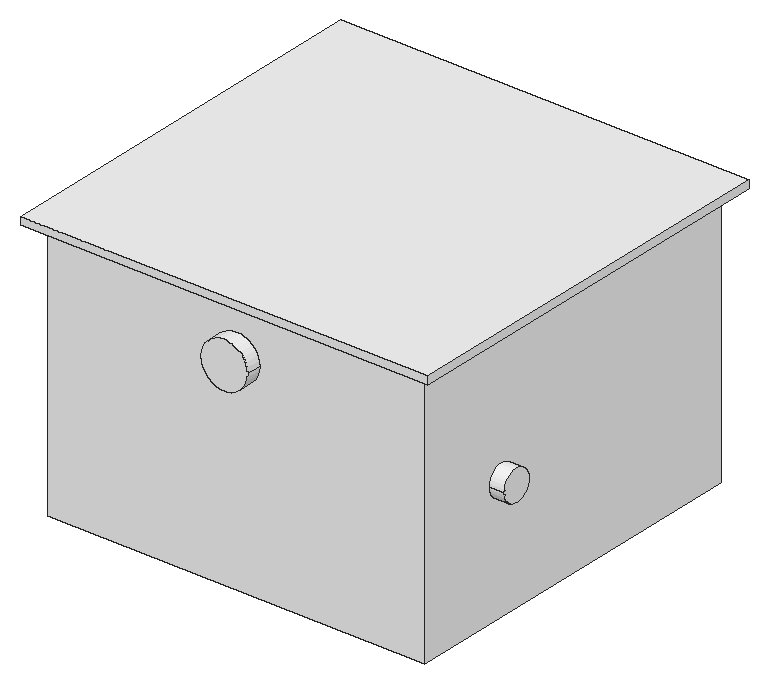
Revit family "Plumbing Fixture-Grease_Interseptor_Mifab_MI-E-O-HU", category Plumbing Fixtures, host Face, Revit 2013
Parameters (values of type "MI-E-O-HU-C")
  Water Capacity = "18.08 Gallons"
  WFU = 0
  URL = "www.mifab.com"
  Standard Inlet And Outlet Radii = F / 2  # 1.500"
  Model = "MI-E-O-HU-C"
  Manufacturer = "MIFAB"
  Interceptor Material = Acid Resistant Epoxy Coated Green
  Grease Capacity = "119.88 lbs"
  G = 8.000"
  Flow Rate = "20 GPM"
  F = 3.000"
  E = 17.500"
  Description = "Electronic Oil Interceptors With Integral Oil Storage Tank"
  Default Elevation = 0.000"
  D = 13.500"
  C = 4.000"
  B = 26.500"
  Assembly Code = "D2090300"
  A = 26.000"
Types (18): name | Water Capacity | Standard Inlet And Outlet Radii | Model | Grease Capacity | G | Flow Rate | F | E | D | C | B | A
  (no name) | "18.08 Gallons" | 1.500" | "MI-E-O-HU-C" | "119.88 lbs" | 8.000" | "20 GPM" | 3.000" | 17.500" | 13.500" | 4.000" | 26.500" | 26.000"
  MI-E-O-HU-A | "10.66 Gallons" | 1.000" | "MI-E-O-HU-A" | "74.93 lbs" | 4.000" | "10 GPM" | 2.000" | 13.000" | 9.000" | 4.000" | 26.000" | 24.000"
  MI-E-O-HU-B | "15.06 Gallons" | 1.000" | "MI-E-O-HU-B" | "102.40lbs" | 6.000" | "15 GPM" | 2.000" | 15.000" | 11.000" | 4.000" | 26.500" | 26.000"
  MI-E-O-HU-C | "18.08 Gallons" | 1.500" | "MI-E-O-HU-C" | "119.88 lbs" | 8.000" | "20 GPM" | 3.000" | 17.500" | 13.500" | 4.000" | 26.500" | 26.000"
  MI-E-O-HU-1 | "63.12 Gallons" | 1.500" | "MI-E-O-HU-1" | "542.60 lbs" | 20.000" | "25 GPM" | 3.000" | 30.000" | 25.500" | 4.500" | 46.000" | 29.000"
  MI-E-O-HU-2 | "100.23 Gallons" | 1.500" | "MI-E-O-HU-2" | "509.51 lbs" | 20.500" | "35 GPM" | 3.000" | 31.000" | 26.000" | 5.000" | 44.500" | 37.000"
  MI-E-O-HU-3 | "163.07 Gallons" | 1.500" | "MI-E-O-HU-3" | "977.19 lbs" | 20.500" | "50 GPM" | 3.000" | 32.000" | 26.000" | 6.000" | 65.500" | 43.000"
  MI-E-O-HU-4 | "201.89 Gallons" | 2.000" | "MI-E-O-HU-4" | "1015.90 lbs" | 20.500" | "75 GPM" | 4.000" | 36.000" | 26.500" | 9.500" | 65.000" | 49.000"
  MI-E-O-HU-5 | "302.91 Gallons" | 2.000" | "MI-E-O-HU-5" | "1984.34 lbs" | 20.500" | "100 GPM" | 4.000" | 36.000" | 26.500" | 9.500" | 90.000" | 58.000"
  MI-E-O-HU-6 | "344.42Gallons" | 2.000" | "MI-E-O-HU-6" | "2245.97 lbs" | 22.000" | "125 GPM" | 4.000" | 40.000" | 28.000" | 12.000" | 90.000" | 62.000"
  MI-E-O-HU-7 | "356.85 Gallons" | 2.000" | "MI-E-O-HU-7" | "1942.51 lbs" | 24.000" | "150 GPM" | 4.000" | 44.000" | 30.000" | 14.000" | 76.000" | 66.000"
  MI-E-O-HU-8 | "452.72 Gallons" | 2.000" | "MI-E-O-HU-8" | "2896.59 lbs" | 24.500" | "200 GPM" | 4.000" | 48.000" | 30.500" | 17.000" | 90.000" | 73.250"
  MI-E-O-HU-9 | "588.97 Gallons" | 2.000" | "MI-E-O-HU-9" | "2912.83 lbs" | 29.500" | "250 GPM" | 4.000" | 51.000" | 35.500" | 15.500" | 90.000" | 73.250"
  MI-E-O-HU-10 | "814.82 Gallons" | 3.000" | "MI-E-O-HU-10" | "2882.23 lbs" | 29.500" | "300 GPM" | 6.000" | 52.000" | 36.500" | 15.500" | 86.000" | 94.875"
  MI-E-O-HU-11 | "1066.06 Gallons" | 3.000" | "MI-E-O-HU-11" | "4746.06 lbs" | 36.500" | "350 GPM" | 6.000" | 60.000" | 43.500" | 16.500" | 94.000" | 100.875"
  MI-E-O-HU-12 | "1109.11 Gallons" | 3.000" | "MI-E-O-HU-12" | "4693.61 lbs" | 36.000" | "400 GPM" | 6.000" | 60.000" | 43.000" | 17.000" | 91.000" | 107.875"
  MI-E-O-HU-13 | "1113.05 Gallons" | 3.000" | "MI-E-O-HU-13" | "4726.71 lbs" | 36.000" | "450 GPM" | 6.000" | 60.000" | 43.000" | 17.000" | 83.000" | 118.875"
  MI-E-O-HU-14 | "1240.03 Gallons" | 3.000" | "MI-E-O-HU-14" | "4667.39 lbs" | 39.000" | "500 GPM" | 6.000" | 66.000" | 46.000" | 20.000" | 83.000" | 118.875"
Reference planes (in)
  plane 1 "Center (Front/Back)": y = 0
  plane 2: z = 0
  plane 3 "Center (Left/Right)": x = 0
  plane 4: x = -13.25
  plane 5: y = -13
  plane 6: y = 13
  plane 7: x = 13.25
  plane 8: z = -4
  plane 9: z = -17.5
  plane 10: z = -17.5
  plane 11: z = -0.1345
  plane 12: z = -17.3655
  plane 13: z = -6.35862
  plane 14: z = -9.5
Forms (in)
  Extrusion 1, solid, material "Acid Resistant Epoxy Coated Green" <- "Interceptor Material"
    sketch origin (0, 0, 0) x (1, 0, 0) y (0, 1, 0)
      loop
        line (-13.25, 13) -> (-13.25, -13) -> (13.25, -13) -> (13.25, 13) -> (-13.25, 13)
    from 0 to -0.5
  Extrusion 2, solid, material "Acid Resistant Epoxy Coated Green" <- "Interceptor Material"
    sketch origin (0, 0, 0) x (1, 0, 0) y (0, 1, 0)
      loop
        line (-12.25, 12) -> (-12.25, -12) -> (12.25, -12) -> (12.25, 12) -> (-12.25, 12)
    from 0 to -17.5
  Extrusion 3, solid, material "Acid Resistant Epoxy Coated Green" <- "Interceptor Material"
    sketch origin (0, 0, 0) x (1, 0, 0) y (0, 0, 1)
      loop
        circle (0, -4) r 1.5
    from -13 to 13
  Extrusion 4, solid, material "Acid Resistant Epoxy Coated Green" <- "Interceptor Material"
    sketch origin (0, 0, -2.64138) x (0, 1, 0) y (0, 0, 1)
      loop
        circle (-5.83148, -6.85862) r 1
    from -13.25 to 13.25
Cuts and joins
  joined: Extrusion 1, Extrusion 2, Extrusion 3, Extrusion 4
Lines and regions (in)
  symbolic lines
    curve 1: line (-13.25, 13, 0) -> (13.25, 13, 0)
    curve 2: line (-13.25, -13, 0) -> (-13.25, 13, 0)
    curve 3: line (13.25, -13, 0) -> (-13.25, -13, 0)
    curve 4: line (13.25, 13, 0) -> (13.25, -13, 0)
Dimensions and locks (in)
  equal spacing: plane 4, plane 3 "Center (Left/Right)", plane 7
  equal spacing: plane 6, plane 1 "Center (Front/Back)", plane 5
  "B": plane 4 to plane 7
  "A": plane 6 to plane 5
  "C": host face to plane 8
  "D": plane 8 to plane 9
  "E": host face to plane 10
  equal spacing: Extrusion 2 sketch curve, plane 3 "Center (Left/Right)", Extrusion 2 sketch curve
  equal spacing: Extrusion 2 sketch curve, plane 1 "Center (Front/Back)", Extrusion 2 sketch curve
  Extrusion 2 sketch curve to plane 6 = 1.000"
  plane 4 to Extrusion 2 sketch curve = 1.000"
  locked: plane 12 to plane 10 at 0.1345
  locked: host face to plane 11 at 0.1345
  locked: plane 1 "Center (Front/Back)" to Extrusion 4 sketch curve at 5.83148
  "G": plane 14 to plane 10
  locked: Extrusion 4 sketch curve to plane 14 at 1
  "F": diameter of Extrusion 3 sketch curve
  aligned and locked: host face to plane 2
  aligned and locked: host face to level
  aligned and locked: Extrusion 1 sketch curve to plane 6
  aligned and locked: plane 4 to Extrusion 1 sketch curve
  aligned and locked: plane 5 to Extrusion 1 sketch curve
  aligned and locked: Extrusion 1 sketch curve to plane 7
  aligned and locked: Extrusion 2 to plane 9
  aligned and locked: Extrusion 3 to plane 5
  aligned and locked: plane 6 to Extrusion 3
  aligned and locked: Extrusion 3 to cut or joined group of Extrusion 1, Extrusion 2, Extrusion 3, Extrusion 4
  aligned and locked: Extrusion 4 to plane 4
  aligned and locked: plane 7 to Extrusion 4
  aligned and locked: curve 1 to plane 6
  aligned and locked: plane 4 to curve 2
  aligned and locked: plane 5 to curve 3
  aligned and locked: curve 4 to plane 7
Automatic sketch dimensions
  host sketch curve to host sketch curve = 166.9916"
  host sketch curve to host sketch curve = 188.0228"
  Extrusion 3 sketch curve to plane 3 "Center (Left/Right)" = 0.000"
  Extrusion 3 sketch curve to plane 8 = 0.000"
  Extrusion 4 sketch curve to plane 14 = 0.000"
Connectors (in)
  piping at (0, 13, -4), driven by "Standard Inlet And Outlet Radii"
    settings: on cut or joined group of Extrusion 1, Extrusion 2, Extrusion 3, Extrusion 4, index 1, connector radius 1 1/2", flow factor 0, pipe flow 0 GPM, pressure drop 0.00 psi, fitting loss kfactor 0, connector angle 0.00°, fixture units 0, engagement length 0.000", flow configuration 0, flow direction 1, fitting loss method 0, system type 16, joint type 0, gender type 0, connector reference index -1, connector utility 0, adjustable connector no, is connector primary yes, fitting loss table "", connector description "In"
  piping at (0, -13, -4), driven by "Standard Inlet And Outlet Radii"
    settings: on cut or joined group of Extrusion 1, Extrusion 2, Extrusion 3, Extrusion 4, index 2, connector radius 1 1/2", flow factor 0, pipe flow 0 GPM, pressure drop 0.00 psi, fitting loss kfactor 0, connector angle 0.00°, fixture units 0, engagement length 0.000", flow configuration 0, flow direction 2, fitting loss method 0, system type 16, joint type 0, gender type 0, connector reference index -1, connector utility 0, adjustable connector no, is connector primary no, fitting loss table "", connector description "Out"
